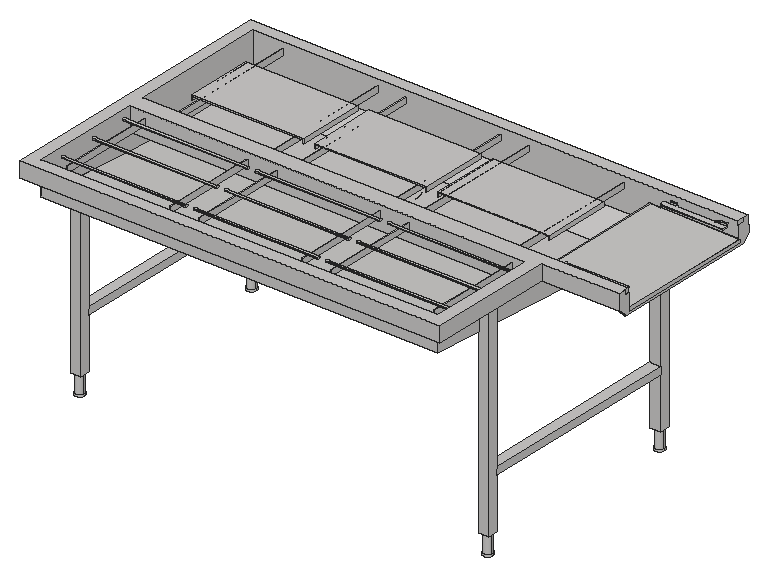
Revit family "QF_ELECTROLUXPROFESSIONAL_865461_HSDDS3LR", category Specialty Equipment, Revit 2018
Family settings
  Round Connector Dimension = Use Diameter
  Part Type = Normal
  Work Plane-Based = No
  Always vertical = Yes
  Cut with Voids When Loaded = No
  Shared = No
  Room Calculation Point = No
Parameters
  Weight = 0.00 kg
  Watts = 0 W
  Volts = 0 V
  URL Manufacturer = ""
  Steam Supply Size = 0 mm
  Steam Supply Minimum Pressure = 0.0 Pa
  Steam Supply Maximum Pressure = 0.0 Pa
  Steam Pounds per Hour = 0
  Refrigeration Suction Line Size = 0 mm
  Refrigeration Liquid Line Size = 0 mm
  Refrigerant Compressor Remote = yes
  Phase = 0
  Length Actual = 0 mm
  Item Number = ""
  Hot Water Size = 0 mm
  Height Actual = 0 mm
  HP = ""
  Gas Size = 0 mm
  Gas KW = 0
  Gas Input Pressure = 0 W
  Depth Actual = 0 mm
  Cycle = 0 Hz
  Condensate Return Size = 0 mm
  Compressed Air Volume = 0.0 L/s
  Compressed Air Size = 0 mm
  Compressed Air Pressure = 0.0 Pa
  Cold Water Size = 0 mm
  Accessory = yes
Reference planes
  plane 1: z = 0
  plane 2 "R": x = 300
  plane 3: z = 910
  plane 4: z = 0
  plane 5: z = 300
  plane 6 "BACK": y = 310
  plane 7 "FRONT": y = -800
  plane 8 "LEFT": x = -1320
  plane 9: x = -510
  plane 10: y = -310
  plane 11 "RIGHT": x = 600
Forms (mm)
  Extrusion 1, solid, material "QF_Finishes_Stainless Steel"
    sketch origin (0, 0, 0) x (-1, 0, 0) y (0, -1, 0)
      loop
        line (1320, 800) -> (-300, 800) -> (-300, 310) -> (-597.022, 310) -> (-597.022, 265) -> (-255, 265) -> (-255, 755) -> (1275, 755) -> (1275, -265) -> (-597.022, -265) -> (-597.022, -310) -> (1320, -310) -> (1320, 800)
    from 850.091 to 910
  Extrusion 2, solid, material "QF_Finishes_Stainless Steel"
    sketch origin (0, 0, 0) x (0, 1, 0) y (0, 0, -1)
      loop
        line (-756.248, -850.091) -> (-755, -850.091) -> (-755, -784.848) -> (-131.111, -741.138) -> (130.374, -741.138) -> (265, -784.879) -> (265, -850.091) -> (266.249, -850.091) -> (266.249, -782.13) -> (130.849, -738.138) -> (-131.216, -738.138) -> (-756.248, -781.928) -> (-756.248, -850.091)
    from -255 to 1275
  Revolve 3, solid, material "QF_Finishes_Stainless Steel"
    sketch origin (-510, 0.526, -123.199) x (-1, 0, 0) y (0, 0, -1)
      loop
        line (76.494, -861.337) -> (76.494, -847.59)
        arc (76.494, -847.59) -> (75.89, -845.987) -> (74.39, -845.16) r 2.474
        arc (74.39, -845.16) -> (71.083, -841.301) -> (74.377, -837.43) r 3.913
        arc (74.377, -837.43) -> (75.887, -836.598) -> (76.494, -834.985) r 2.49
        line (76.494, -834.985) -> (76.494, -794.661)
        arc (76.494, -794.661) -> (65.844, -763.962) -> (38.457, -746.476) r 49.516
        line (38.457, -746.476) -> (38.457, -743.987) -> (37.25, -742.336) -> (37.25, -740.749) -> (23.47, -734.749) -> (23.47, -698.838) -> (21.946, -697.377) -> (0, -697.377) -> (0, -861.337) -> (76.494, -861.337)
      axis (0, -861.337) -> (0, -697.377)
    angle from 0 to 360
  Extrusion 4, solid, material "QF_Finishes_Stainless Steel"
    sketch origin (0, 0, 0) x (-1, 0, 0) y (0, -1, 0)
      loop
        line (-255, 330.124) -> (-255, 265) -> (1275, 265) -> (1275, 330.124) -> (-255, 330.124)
    from 820 to 910
  Extrusion 5, solid, material "QF_Finishes_Stainless Steel"
    sketch origin (6.015, 0, -602.691) x (-1, 0, 0) y (0, -1, 0)
      loop
        line (1283.015, -266.249) -> (1323.015, -266.249) -> (1323.015, 521.738) -> (1283.015, 521.738) -> (1283.015, -266.249)
    from 872.691 to 902.691
  Extrusion 6, solid, material "QF_Finishes_Stainless Steel"
    sketch origin (-1277, 0, 0) x (0, 1, 0) y (0, 0, -1)
      loop
        line (-756.248, -781.928) -> (-756.248, -850.091) -> (266.249, -850.091) -> (266.249, -782.13) -> (130.849, -738.138) -> (-131.216, -738.138) -> (-756.248, -781.928)
    from 0 to -2
  Extrusion 7, solid, material "QF_Finishes_Stainless Steel"
    sketch origin (257, 0, 0) x (0, 1, 0) y (0, 0, 1)
      loop
        line (-756.248, 850.091) -> (-756.248, 781.928) -> (-131.216, 738.138) -> (130.849, 738.138) -> (266.249, 782.13) -> (266.249, 850.091) -> (-756.248, 850.091)
    from 0 to -2
  Extrusion 8, solid, material "QF_Finishes_Stainless Steel"
    sketch origin (-1026, 0.054, -598.981) x (1, 0, 0) y (0, 1, 0)
      loop
        line (1283, 266.195) -> (1283, -521.792) -> (1323, -521.792) -> (1323, 266.195) -> (1283, 266.195)
    from 869.081 to 898.981
  Extrusion 9, solid, material "QF_Finishes_Stainless Steel"
    sketch origin (0, -7.263, 2.863) x (-1, 0, 0) y (0, -1, 0)
      loop
        line (-200.029, 694.438) -> (-200.029, 322.861) -> (-196.981, 322.861) -> (-196.981, 694.438) -> (-200.029, 694.438)
      loop
        line (196.981, 694.438) -> (196.981, 322.861) -> (200.029, 322.861) -> (200.029, 694.438) -> (196.981, 694.438)
      loop
        line (1220.049, 694.438) -> (1217.001, 694.438) -> (1217.001, 322.861) -> (1220.049, 322.861) -> (1220.049, 694.438)
      loop
        line (823.039, 694.438) -> (819.991, 694.438) -> (819.991, 322.861) -> (823.039, 322.861) -> (823.039, 694.438)
      loop
        line (710.007, 694.438) -> (707.023, 694.438) -> (707.023, 322.861) -> (710.007, 322.861) -> (710.007, 694.438)
      loop
        line (312.997, 694.438) -> (310.013, 694.438) -> (310.013, 322.861) -> (312.997, 322.861) -> (312.997, 694.438)
    from 860 to 881.896
  Extrusion 10, solid, material "QF_Finishes_Stainless Steel"
    sketch origin (-2327.512, 265, 0) x (0, 1, 0) y (0, 0, 1)
      loop
        circle (-937.158, 888.745) r 3.985
      loop
        circle (-788.819, 888.745) r 3.985
      loop
        circle (-640.48, 888.745) r 3.985
    from 1067.5 to 1547.5
  Extrusion 11, solid, material "QF_Finishes_Stainless Steel"
    sketch origin (-1817.533, 265, 0) x (0, 1, 0) y (0, 0, 1)
      loop
        circle (-937.158, 888.745) r 3.985
      loop
        circle (-788.819, 888.745) r 3.985
      loop
        circle (-640.48, 888.745) r 3.985
    from 1067.5 to 1547.5
  Extrusion 12, solid, material "QF_Finishes_Stainless Steel"
    sketch origin (-1307.491, 265, 0) x (0, 1, 0) y (0, 0, 1)
      loop
        circle (-937.158, 888.745) r 3.985
      loop
        circle (-788.819, 888.745) r 3.985
      loop
        circle (-640.48, 888.745) r 3.985
    from 1067.5 to 1547.5
  Extrusion 13, solid, material "QF_Finishes_Stainless Steel"
    sketch origin (1047.022, 52.5, 35) x (0, 1, 0) y (0, 0, 1)
      loop
        line (-362.5, 815.091) -> (-334.909, 787.5) -> (229.909, 787.5) -> (257.5, 815.091) -> (257.5, 875) -> (235, 875) -> (235, 860) -> (212.5, 860) -> (212.5, 808.439) -> (-317.5, 808.439) -> (-317.5, 860) -> (-340, 860) -> (-340, 875) -> (-362.5, 875) -> (-362.5, 815.091)
    from -450 to -447.022
  Extrusion 14, solid, material "QF_Finishes_Stainless Steel"
    sketch origin (-275, -2290.751, 0) x (0, 1, 0) y (0, 0, 1)
      loop
        line (2597.773, 875) -> (2557, 875) -> (2557, 872) -> (2597.773, 872) -> (2597.773, 875)
    from 0 to 530
  Extrusion 15, solid, material "QF_Finishes_Stainless Steel"
    sketch origin (-62.5, 713.272, 0) x (-1, 0, 0) y (0, 0, 1)
      loop
        line (-317.5, 850.091) -> (212.5, 850.091) -> (212.5, 875) -> (-317.5, 875) -> (-317.5, 850.091)
    from -448.272 to -447.022
  Extrusion 16, solid, material "QF_Finishes_Stainless Steel"
    sketch origin (0, 0, 0) x (1, 0, 0) y (0, 0, 1)
      loop
        line (597.022, 843.439) -> (600, 843.439) -> (600, 833.439) -> (602.5, 833.439) -> (602.5, 846.169) -> (257, 850.068) -> (257, 847.567) -> (597.022, 843.439)
    from -266.249 to 265
  Extrusion 17, solid, material "QF_Finishes_Stainless Steel"
    sketch origin (0, 0, 0) x (1, 0, 0) y (0, 0, 1)
      loop
        line (-1159.991, 862.863) -> (-1159.991, 884.759) -> (-1163.039, 884.759) -> (-1163.039, 862.863) -> (-1159.991, 862.863)
      loop
        line (-794.991, 862.863) -> (-794.991, 884.759) -> (-798.039, 884.759) -> (-798.039, 862.863) -> (-794.991, 862.863)
      loop
        line (-684.991, 862.863) -> (-684.991, 884.759) -> (-688.039, 884.759) -> (-688.039, 862.863) -> (-684.991, 862.863)
      loop
        line (-319.991, 862.863) -> (-319.991, 884.759) -> (-323.039, 884.759) -> (-323.039, 862.863) -> (-319.991, 862.863)
      loop
        line (-209.991, 862.863) -> (-209.991, 884.759) -> (-213.039, 884.759) -> (-213.039, 862.863) -> (-209.991, 862.863)
      loop
        line (155.009, 862.863) -> (155.009, 884.759) -> (151.961, 884.759) -> (151.961, 862.863) -> (155.009, 862.863)
    from -265 to 265
  Extrusion 18, solid, material "QF_Finishes_Stainless Steel"
    sketch origin (2.5, 0, 0) x (1, 0, 0) y (0, 0, 1)
      loop
        line (-769.039, 884.759) -> (-769.039, 871.646) -> (-766.039, 871.646) -> (-766.039, 887.746) -> (-1196.039, 887.746) -> (-1196.039, 871.646) -> (-1193.039, 871.646) -> (-1193.039, 884.759) -> (-769.039, 884.759)
    from -130.374 to 131.111
  Extrusion 19, solid, material "QF_Finishes_Stainless Steel"
    sketch origin (477.5, 0, 0) x (1, 0, 0) y (0, 0, 1)
      loop
        line (-769.039, 884.759) -> (-769.039, 871.646) -> (-766.039, 871.646) -> (-766.039, 887.746) -> (-1196.039, 887.746) -> (-1196.039, 871.646) -> (-1193.039, 871.646) -> (-1193.039, 884.759) -> (-769.039, 884.759)
    from -130.374 to 131.111
  Extrusion 20, solid, material "QF_Finishes_Stainless Steel"
    sketch origin (952.5, 0, 0) x (1, 0, 0) y (0, 0, 1)
      loop
        line (-769.039, 884.759) -> (-769.039, 871.646) -> (-766.039, 871.646) -> (-766.039, 887.746) -> (-1196.039, 887.746) -> (-1196.039, 871.646) -> (-1193.039, 871.646) -> (-1193.039, 884.759) -> (-769.039, 884.759)
    from -130.374 to 131.111
  Extrusion 21, solid, material "QF_Finishes_Stainless Steel"
    sketch origin (0, 0, 0) x (1, 0, 0) y (0, 1, 0)
      loop
        arc (330.912, 247.069) -> (327.376, 245.605) -> (325.912, 242.069) r 5
        line (325.912, 242.069) -> (325.912, 232.503)
        arc (325.912, 232.503) -> (327.376, 228.968) -> (330.912, 227.503) r 5
        line (330.912, 227.503) -> (565, 227.503)
        arc (565, 227.503) -> (568.536, 228.968) -> (570, 232.503) r 5
        line (570, 232.503) -> (570, 242.069)
        arc (570, 242.069) -> (568.536, 245.605) -> (565, 247.069) r 5
        line (565, 247.069) -> (520, 247.069) -> (535.477, 262.546) -> (555.477, 262.546) -> (555.477, 265) -> (534.395, 265) -> (516.464, 247.069) -> (379.448, 247.069) -> (361.517, 265) -> (340.435, 265) -> (340.435, 262.546) -> (360.435, 262.546) -> (375.912, 247.069) -> (330.912, 247.069)
    from 884.759 to 887.746
  Extrusion 22, solid, material "QF_Finishes_Stainless Steel"
    sketch origin (0, 0, 0) x (1, 0, 0) y (0, 1, 0)
      loop
        line (330.912, -247.069) -> (375.912, -247.069) -> (360.435, -262.546) -> (340.435, -262.546) -> (340.435, -265) -> (361.517, -265) -> (379.448, -247.069) -> (516.464, -247.069) -> (534.395, -265) -> (555.477, -265) -> (555.477, -262.546) -> (535.477, -262.546) -> (520, -247.069) -> (565, -247.069)
        arc (565, -247.069) -> (568.536, -245.605) -> (570, -242.069) r 5
        line (570, -242.069) -> (570, -232.503)
        arc (570, -232.503) -> (568.536, -228.968) -> (565, -227.503) r 5
        line (565, -227.503) -> (330.912, -227.503)
        arc (330.912, -227.503) -> (327.376, -228.968) -> (325.912, -232.503) r 5
        line (325.912, -232.503) -> (325.912, -242.069)
        arc (325.912, -242.069) -> (327.376, -245.605) -> (330.912, -247.069) r 5
    from 884.759 to 887.746
Cuts and joins
  joined: Extrusion 1, Extrusion 2, Revolve 3, Extrusion 4, Extrusion 6, Extrusion 7, Extrusion 9, Extrusion 10, Extrusion 11, Extrusion 12, Extrusion 13, Extrusion 14, Extrusion 15
Lines and regions (mm)
  Split face 1
    outline origin (-386.315, -0.079, 741.138) x (-1, 0, 0) y (0, -1, 0)
      loop
        circle (123.685, -0.035) r 73.783
  Split face 2
    outline origin (-386.315, -0.079, 741.138) x (-1, 0, 0) y (0, -1, 0)
      loop
        circle (123.685, -0.035) r 66.01
  Split face 3
    outline origin (-386.315, -0.079, 741.138) x (-1, 0, 0) y (0, -1, 0)
      loop
        circle (123.685, -0.035) r 53.774
  Split face 4
    outline origin (-386.315, -0.079, 741.138) x (-1, 0, 0) y (0, -1, 0)
      loop
        circle (123.685, -0.035) r 50.771
  Split face 5
    outline origin (-386.315, -0.079, 741.138) x (-1, 0, 0) y (0, -1, 0)
      loop
        circle (123.685, -0.035) r 33.793
  Split face 6
    outline origin (-386.315, -0.079, 741.138) x (-1, 0, 0) y (0, -1, 0)
      loop
        circle (123.685, -0.035) r 30.826
  Split face 7
    outline origin (-386.315, -0.079, 741.138) x (-1, 0, 0) y (0, -1, 0)
      loop
        circle (123.685, -0.035) r 13.843
  Split face 8
    outline origin (-386.315, -0.079, 741.138) x (-1, 0, 0) y (0, -1, 0)
      loop
        circle (123.685, -0.035) r 10.833
  symbolic lines
    curve 1: line (-1320, 310, 0) -> (600, 310, 0)
    curve 2: line (-1320, -800, 0) -> (-1320, 310, 0)
    curve 3: line (300, -800, 0) -> (-1320, -800, 0)
    curve 4: line (300, -310, 0) -> (300, -800, 0)
    curve 5: line (-1275, 265, 0) -> (600, 265, 0)
    curve 6: line (-1275, -755, 0) -> (-1275, 265, 0)
    curve 7: line (255, -755, 0) -> (-1275, -755, 0)
    curve 8: line (-1275, -265, 0) -> (600, -265, 0)
    curve 9: line (255, -330.124, 0) -> (-1275, -330.124, 0)
    curve 10: line (-1260.012, -371.495, 0) -> (-1260.012, -379.465, 0)
    curve 11: line (-1260.012, -379.465, 0) -> (-780.012, -379.465, 0)
    curve 12: line (-780.012, -379.465, 0) -> (-780.012, -371.495, 0)
    curve 13: line (-780.012, -371.495, 0) -> (-1260.012, -371.495, 0)
    curve 14: line (-1260.012, -519.834, 0) -> (-1260.012, -527.804, 0)
    curve 15: line (-1260.012, -527.804, 0) -> (-780.012, -527.804, 0)
    curve 16: line (-780.012, -527.804, 0) -> (-780.012, -519.834, 0)
    curve 17: line (-780.012, -519.834, 0) -> (-1260.012, -519.834, 0)
    curve 18: line (-1260.012, -668.173, 0) -> (-1260.012, -676.143, 0)
    curve 19: line (-1260.012, -676.143, 0) -> (-780.012, -676.143, 0)
    curve 20: line (-780.012, -676.143, 0) -> (-780.012, -668.173, 0)
    curve 21: line (-780.012, -668.173, 0) -> (-1260.012, -668.173, 0)
    curve 22: line (-1220.049, -330.124, 0) -> (-1220.049, -371.495, 0)
    curve 23: line (-1217.001, -330.124, 0) -> (-1217.001, -371.495, 0)
    curve 24: line (-1220.049, -379.465, 0) -> (-1220.049, -519.834, 0)
    curve 25: line (-1220.049, -701.7, 0) -> (-1220.049, -676.143, 0)
    curve 26: line (-1220.049, -701.7, 0) -> (-1217.001, -701.7, 0)
    curve 27: line (-1217.001, -701.7, 0) -> (-1217.001, -676.143, 0)
    curve 28: line (-1220.049, -668.173, 0) -> (-1220.049, -527.804, 0)
    curve 29: line (-1217.001, -527.804, 0) -> (-1217.001, -668.173, 0)
    curve 30: line (-1217.001, -519.834, 0) -> (-1217.001, -379.465, 0)
    curve 31: line (-823.039, -330.124, 0) -> (-823.039, -371.495, 0)
    curve 32: line (-819.992, -330.124, 0) -> (-819.992, -371.495, 0)
    curve 33: line (-823.039, -379.465, 0) -> (-823.039, -519.834, 0)
    curve 34: line (-823.039, -701.7, 0) -> (-823.039, -676.143, 0)
    curve 35: line (-823.039, -701.7, 0) -> (-819.992, -701.7, 0)
    curve 36: line (-819.992, -701.7, 0) -> (-819.992, -676.143, 0)
    curve 37: line (-823.039, -668.173, 0) -> (-823.039, -527.804, 0)
    curve 38: line (-819.992, -527.804, 0) -> (-819.992, -668.173, 0)
    curve 39: line (-819.992, -519.834, 0) -> (-819.992, -379.465, 0)
    curve 40: line (-750.033, -371.495, 0) -> (-750.033, -379.465, 0)
    curve 41: line (-750.033, -379.465, 0) -> (-270.033, -379.465, 0)
    curve 42: line (-270.033, -379.465, 0) -> (-270.033, -371.495, 0)
    curve 43: line (-270.033, -371.495, 0) -> (-750.033, -371.495, 0)
    curve 44: line (-750.033, -519.834, 0) -> (-750.033, -527.804, 0)
    curve 45: line (-750.033, -527.804, 0) -> (-270.033, -527.804, 0)
    curve 46: line (-270.033, -527.804, 0) -> (-270.033, -519.834, 0)
    curve 47: line (-270.033, -519.834, 0) -> (-750.033, -519.834, 0)
    curve 48: line (-750.033, -668.173, 0) -> (-750.033, -676.143, 0)
    curve 49: line (-750.033, -676.143, 0) -> (-270.033, -676.143, 0)
    curve 50: line (-270.033, -676.143, 0) -> (-270.033, -668.173, 0)
    curve 51: line (-270.033, -668.173, 0) -> (-750.033, -668.173, 0)
    curve 52: line (-710.071, -330.124, 0) -> (-710.071, -371.495, 0)
    curve 53: line (-707.023, -330.124, 0) -> (-707.023, -371.495, 0)
    curve 54: line (-710.071, -379.465, 0) -> (-710.071, -519.834, 0)
    curve 55: line (-710.071, -701.7, 0) -> (-710.071, -676.143, 0)
    curve 56: line (-710.071, -701.7, 0) -> (-707.023, -701.7, 0)
    curve 57: line (-707.023, -701.7, 0) -> (-707.023, -676.143, 0)
    curve 58: line (-710.071, -668.173, 0) -> (-710.071, -527.804, 0)
    curve 59: line (-707.023, -527.804, 0) -> (-707.023, -668.173, 0)
    curve 60: line (-707.023, -519.834, 0) -> (-707.023, -379.465, 0)
    curve 61: line (-313.061, -330.124, 0) -> (-313.061, -371.495, 0)
    curve 62: line (-310.013, -330.124, 0) -> (-310.013, -371.495, 0)
    curve 63: line (-313.061, -379.465, 0) -> (-313.061, -519.834, 0)
    curve 64: line (-313.061, -701.7, 0) -> (-313.061, -676.143, 0)
    curve 65: line (-313.061, -701.7, 0) -> (-310.013, -701.7, 0)
    curve 66: line (-310.013, -701.7, 0) -> (-310.013, -676.143, 0)
    curve 67: line (-313.061, -668.173, 0) -> (-313.061, -527.804, 0)
    curve 68: line (-310.013, -527.804, 0) -> (-310.013, -668.173, 0)
    curve 69: line (-310.013, -519.834, 0) -> (-310.013, -379.465, 0)
    curve 70: line (-239.991, -371.495, 0) -> (-239.991, -379.465, 0)
    curve 71: line (-239.991, -379.465, 0) -> (240.009, -379.465, 0)
    curve 72: line (240.009, -379.465, 0) -> (240.009, -371.495, 0)
    curve 73: line (240.009, -371.495, 0) -> (-239.991, -371.495, 0)
    curve 74: line (-239.991, -519.834, 0) -> (-239.991, -527.804, 0)
    curve 75: line (-239.991, -527.804, 0) -> (240.009, -527.804, 0)
    curve 76: line (240.009, -527.804, 0) -> (240.009, -519.834, 0)
    curve 77: line (240.009, -519.834, 0) -> (-239.991, -519.834, 0)
    curve 78: line (-239.991, -668.173, 0) -> (-239.991, -676.143, 0)
    curve 79: line (-239.991, -676.143, 0) -> (240.009, -676.143, 0)
    curve 80: line (240.009, -676.143, 0) -> (240.009, -668.173, 0)
    curve 81: line (240.009, -668.173, 0) -> (-239.991, -668.173, 0)
    curve 82: line (-200.029, -330.124, 0) -> (-200.029, -371.495, 0)
    curve 83: line (-196.981, -330.124, 0) -> (-196.981, -371.495, 0)
    curve 84: line (-200.029, -379.465, 0) -> (-200.029, -519.834, 0)
    curve 85: line (-200.029, -701.7, 0) -> (-200.029, -676.143, 0)
    curve 86: line (-200.029, -701.7, 0) -> (-196.981, -701.7, 0)
    curve 87: line (-196.981, -701.7, 0) -> (-196.981, -676.143, 0)
    curve 88: line (-200.029, -668.173, 0) -> (-200.029, -527.804, 0)
    curve 89: line (-196.981, -527.804, 0) -> (-196.981, -668.173, 0)
    curve 90: line (-196.981, -519.834, 0) -> (-196.981, -379.465, 0)
    curve 91: line (196.981, -330.124, 0) -> (196.981, -371.495, 0)
    curve 92: line (200.029, -330.124, 0) -> (200.029, -371.495, 0)
    curve 93: line (196.981, -379.465, 0) -> (196.981, -519.834, 0)
    curve 94: line (196.981, -701.7, 0) -> (196.981, -676.143, 0)
    curve 95: line (196.981, -701.7, 0) -> (200.029, -701.7, 0)
    curve 96: line (200.029, -701.7, 0) -> (200.029, -676.143, 0)
    curve 97: line (196.981, -668.173, 0) -> (196.981, -527.804, 0)
    curve 98: line (200.029, -527.804, 0) -> (200.029, -668.173, 0)
    curve 99: line (200.029, -519.834, 0) -> (200.029, -379.465, 0)
    curve 100: line (255, -755, 0) -> (255, -330.124, 0)
    curve 101: arc (-586.496, 0.526, 0) -> (-510, 77.021, 0) -> (-433.504, 0.526, 0) r 76.496
    curve 102: arc (-433.504, 0.526, 0) -> (-510, -75.97, 0) -> (-586.496, 0.526, 0) r 76.496
    curve 103: arc (-488.054, 0.526, 0) -> (-510, 22.472, 0) -> (-531.946, 0.526, 0) r 21.946
    curve 104: arc (-531.946, 0.526, 0) -> (-510, -21.421, 0) -> (-488.054, 0.526, 0) r 21.946
    curve 105: line (300, -310, 0) -> (600, -310, 0)
    curve 106: line (600, -310, 0) -> (600, 310, 0)
    curve 107: line (600, 0, 0) -> (570, 0, 0)
    curve 108: line (-1193.539, 130.374, 0) -> (-763.539, 130.374, 0)
    curve 109: line (-1193.539, -131.111, 0) -> (-1193.539, 130.374, 0)
    curve 110: line (-763.539, -131.111, 0) -> (-1193.539, -131.111, 0)
    curve 111: line (-763.539, 130.374, 0) -> (-763.539, -131.111, 0)
    curve 112: line (-718.539, 130.374, 0) -> (-288.539, 130.374, 0)
    curve 113: line (-718.539, -131.111, 0) -> (-718.539, 130.374, 0)
    curve 114: line (-288.539, -131.111, 0) -> (-718.539, -131.111, 0)
    curve 115: line (-288.539, 130.374, 0) -> (-288.539, -131.111, 0)
    curve 116: line (-243.539, -131.111, 0) -> (186.461, -131.111, 0)
    curve 117: line (-243.539, 130.374, 0) -> (-243.539, -131.111, 0)
    curve 118: line (186.461, 130.374, 0) -> (-243.539, 130.374, 0)
    curve 119: line (186.461, -131.111, 0) -> (186.461, 130.374, 0)
    curve 120: line (-1163.039, 265, 0) -> (-1163.039, 130.374, 0)
    curve 121: line (-1159.991, 130.374, 0) -> (-1159.991, 265, 0)
    curve 122: line (-1163.039, -265, 0) -> (-1163.039, -131.111, 0)
    curve 123: line (-1159.991, -131.111, 0) -> (-1159.991, -265, 0)
    curve 124: line (-798.039, 265, 0) -> (-798.039, 130.374, 0)
    curve 125: line (-794.991, 130.374, 0) -> (-794.991, 265, 0)
    curve 126: line (-798.039, -265, 0) -> (-798.039, -131.111, 0)
    curve 127: line (-794.991, -131.111, 0) -> (-794.991, -265, 0)
    curve 128: line (-688.039, 265, 0) -> (-688.039, 130.374, 0)
    curve 129: line (-684.991, 130.374, 0) -> (-684.991, 265, 0)
    curve 130: line (-688.039, -265, 0) -> (-688.039, -131.111, 0)
    curve 131: line (-684.991, -131.111, 0) -> (-684.991, -265, 0)
    curve 132: line (-323.039, 265, 0) -> (-323.039, 130.374, 0)
    curve 133: line (-319.991, 130.374, 0) -> (-319.991, 265, 0)
    curve 134: line (-323.039, -265, 0) -> (-323.039, -131.111, 0)
    curve 135: line (-319.991, -131.111, 0) -> (-319.991, -265, 0)
    curve 136: line (-213.039, 265, 0) -> (-213.039, 130.374, 0)
    curve 137: line (-209.991, 130.374, 0) -> (-209.991, 265, 0)
    curve 138: line (-213.039, -265, 0) -> (-213.039, -131.111, 0)
    curve 139: line (-209.991, -131.111, 0) -> (-209.991, -265, 0)
    curve 140: line (151.961, 265, 0) -> (151.961, 130.374, 0)
    curve 141: line (155.009, 130.374, 0) -> (155.009, 265, 0)
    curve 142: line (151.961, -265, 0) -> (151.961, -131.111, 0)
    curve 143: line (155.009, -131.111, 0) -> (155.009, -265, 0)
    curve 144: line (330.912, 227.503, 0) -> (565, 227.503, 0)
    curve 145: arc (565, 227.503, 0) -> (568.536, 228.968, 0) -> (570, 232.503, 0) r 5
    curve 146: line (570, 232.503, 0) -> (570, 242.069, 0)
    curve 147: arc (570, 242.069, 0) -> (568.536, 245.605, 0) -> (565, 247.069, 0) r 5
    curve 148: line (565, 247.069, 0) -> (520, 247.069, 0)
    curve 149: line (520, 247.069, 0) -> (535.477, 262.546, 0)
    curve 150: line (535.477, 262.546, 0) -> (555.477, 262.546, 0)
    curve 151: line (555.477, 262.546, 0) -> (555.477, 265, 0)
    curve 152: line (534.395, 265, 0) -> (516.464, 247.069, 0)
    curve 153: line (516.464, 247.069, 0) -> (379.448, 247.069, 0)
    curve 154: line (379.448, 247.069, 0) -> (361.517, 265, 0)
    curve 155: line (340.435, 265, 0) -> (340.435, 262.546, 0)
    curve 156: line (340.435, 262.546, 0) -> (360.435, 262.546, 0)
    curve 157: line (360.435, 262.546, 0) -> (375.912, 247.069, 0)
    curve 158: line (375.912, 247.069, 0) -> (330.912, 247.069, 0)
    curve 159: arc (330.912, 247.069, 0) -> (327.376, 245.605, 0) -> (325.912, 242.069, 0) r 5
    curve 160: line (325.912, 242.069, 0) -> (325.912, 232.503, 0)
    curve 161: arc (325.912, 232.503, 0) -> (327.376, 228.968, 0) -> (330.912, 227.503, 0) r 5
    curve 162: line (330.912, -227.503, 0) -> (565, -227.503, 0)
    curve 163: arc (565, -227.503, 0) -> (568.536, -228.968, 0) -> (570, -232.503, 0) r 5
    curve 164: line (570, -232.503, 0) -> (570, -242.069, 0)
    curve 165: arc (570, -242.069, 0) -> (568.536, -245.605, 0) -> (565, -247.069, 0) r 5
    curve 166: line (565, -247.069, 0) -> (520, -247.069, 0)
    curve 167: line (520, -247.069, 0) -> (535.477, -262.546, 0)
    curve 168: line (535.477, -262.546, 0) -> (555.477, -262.546, 0)
    curve 169: line (555.477, -262.546, 0) -> (555.477, -265, 0)
    curve 170: line (534.395, -265, 0) -> (516.464, -247.069, 0)
    curve 171: line (516.464, -247.069, 0) -> (379.448, -247.069, 0)
    curve 172: line (379.448, -247.069, 0) -> (361.517, -265, 0)
    curve 173: line (340.435, -265, 0) -> (340.435, -262.546, 0)
    curve 174: line (340.435, -262.546, 0) -> (360.435, -262.546, 0)
    curve 175: line (360.435, -262.546, 0) -> (375.912, -247.069, 0)
    curve 176: line (375.912, -247.069, 0) -> (330.912, -247.069, 0)
    curve 177: arc (330.912, -247.069, 0) -> (327.376, -245.605, 0) -> (325.912, -242.069, 0) r 5
    curve 178: line (325.912, -242.069, 0) -> (325.912, -232.503, 0)
    curve 179: arc (325.912, -232.503, 0) -> (327.376, -228.968, 0) -> (330.912, -227.503, 0) r 5
    curve 180: line (297, -265, 0) -> (297, 265, 0)
Dimensions and locks
  plane 3 to level = 910 mm
  plane 8 "LEFT" to plane 2 "R" = 1620 mm
  plane 6 "BACK" to plane 7 "FRONT" = 1110 mm
  cut or joined group 1 (Extrusion 1, Extrusion 2, Revolve 3, Extrusion 4, Extrusion 6, Extrusion 7, Extrusion 9, Extrusion 10, Extrusion 11, Extrusion 12, Extrusion 13, Extrusion 14, Extrusion 15) to cut or joined group 1 = 1020 mm
  plane 9 to plane 2 "R" = 810 mm
  plane 6 "BACK" to plane 10 = 620 mm
  plane 8 "LEFT" to plane 11 "RIGHT" = 1920 mm
  aligned and locked: level to plane 1
  aligned and locked: Extrusion 1 to Extrusion 13
Nested families
  nested 1: "Foot_40x40" at (-1297, -541.738, 0), type "Foot_40x40"
    with A 850.091 mm
  nested 2: "Foot_40x40" at (-1297, 286.249, 0), type "Foot_40x40"
    with A 850.091 mm
  nested 3: "Foot_40x40" at (277, -541.738, 0) x (-1, 0, 0) z (0, 0, 1), type "Foot_40x40"
    with A 850.091 mm
  nested 4: "Foot_40x40" at (277, 286.249, 0) x (-1, 0, 0) z (0, 0, 1), type "Foot_40x40"
    with A 850.091 mm
Connectors
  piping at (-510, 0.526, 574.178), diameter 30
    settings: on cut or joined group 1, index 1, connector inside diameter 609.6 mm, connector length 0 mm, flow factor 0, pipe flow 0.0 L/s, pressure drop 0.0 Pa, fitting loss kfactor 0, connector angle 0.00°, fixture units 0, engagement length 0 mm, angle of deflection 0.00°, flow configuration 1, flow direction 2, fitting loss method 0, system type 16, joint type 0, gender type 0, connector reference index -1, connector utility 0, adjustable connector no, is connector primary yes, connector description "Drain"
Definition of nested family "Foot_40x40"
  Parameters
    A [instance] = 850 mm
  Reference planes
    plane 1 "Centro (Fronte/Retro)": y = 0
    plane 2: z = 0
    plane 3 "Centro (Sinistra/Destra)": x = 0
    plane 4: z = 850
  Forms (mm)
    Extrusion 1, solid
      sketch origin (0, 0, 0) x (1, 0, 0) y (0, 1, 0)
        loop
          circle (0, 0) r 18
      from 0 to 5
    Extrusion 2, solid
      sketch origin (0, 0, 5) x (1, 0, 0) y (0, 1, 0)
        loop
          circle (0, 0) r 15
      from 0 to 70
    Extrusion 3, solid
      sketch origin (0, 0, 75) x (1, 0, 0) y (0, 1, 0)
        loop
          line (-20, 20) -> (-20, -20) -> (20, -20) -> (20, 20) -> (-20, 20)
      from 0 to 775
  Dimensions and locks
    "A": plane 4 to plane 2
    aligned and locked: level to plane 2
    aligned and locked: plane 4 to Extrusion 3
    aligned and locked: Extrusion 1 to level
  Automatic sketch dimensions
    plane 1 "Centro (Fronte/Retro)" to Extrusion 1 sketch curve = 0 mm
    Extrusion 1 sketch curve to plane 3 "Centro (Sinistra/Destra)" = 0 mm
    Extrusion 3 sketch curve to Extrusion 3 sketch curve = 40 mm  (x2)
    radius of Extrusion 1 sketch curve = 18 mm
    radius of Extrusion 2 sketch curve to Extrusion 1 = 3 mm
